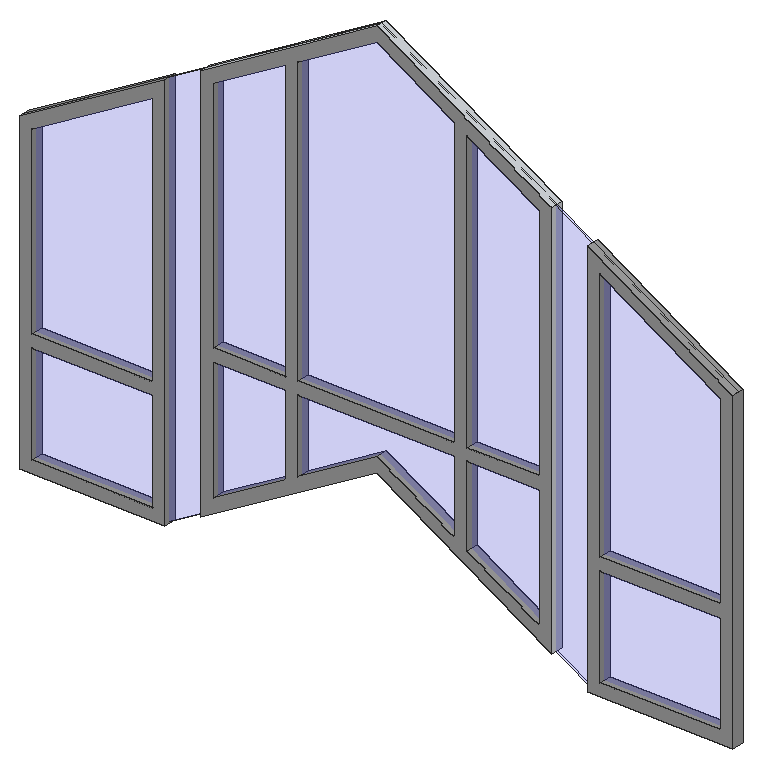
Revit family "Church Window", category Windows, host Wall, Revit 2013
Parameters
  Height = 4' - 0"
  Default Sill Height = 3' - 0"
  Wall Closure = By host
  Width = 3' - 0"
Reference planes (in)
  plane 1 "Center (Front/Back)": y = 0
  plane 2: z = 0
  plane 3 "Center (Left/Right)": x = 0
  plane 4 "Sill": z = 36
Forms (in)
  Extrusion 1, solid, material "Glass"
    sketch origin (0, 0, 0) x (1, 0, 0) y (0, 0, 1)
      loop
        line (118, 60.96368) -> (118, 165.55864) -> (0, 233.63556) -> (-118, 165.55864) -> (-118, 60.96368) -> (-70, 60.96368) -> (0, 101.3483) -> (70, 60.96368) -> (118, 60.96368)
    from -0.25 to 0.25
  Extrusion 2, solid, material "Default"
    sketch origin (0, 0, 0) x (1, 0, 0) y (0, 0, 1)
      loop
        line (70, 193.25095) -> (70, 60.96368) -> (118, 60.96368) -> (118, 165.55864) -> (70, 193.25095)
      loop
        line (74, 186.32531) -> (74, 102.27166) -> (114, 102.27166) -> (114, 163.24838) -> (74, 186.32531)
      loop
        line (74, 98.27166) -> (74, 64.96368) -> (114, 64.96368) -> (114, 98.27166) -> (74, 98.27166)
    from 2 to -2
  Extrusion 3, solid, material "Default"
    sketch origin (0, 0, 0) x (-1, 0, 0) y (0, 0, -1)
      loop
        line (70, -193.25095) -> (118, -165.55864) -> (118, -60.96368) -> (70, -60.96368) -> (70, -193.25095)
      loop
        line (74, -186.32531) -> (114, -163.24838) -> (114, -102.27166) -> (74, -102.27166) -> (74, -186.32531)
      loop
        line (74, -98.27166) -> (114, -98.27166) -> (114, -64.96368) -> (74, -64.96368) -> (74, -98.27166)
    from 2 to -2
  Extrusion 4, solid
    sketch origin (0, 0, 0) x (1, 0, 0) y (0, 0, 1)
      loop
        line (-58, 200.17402) -> (-58, 67.88676) -> (0, 101.3483) -> (58, 67.88676) -> (58, 200.17402) -> (0, 233.63556) -> (-58, 200.17402)
      loop
        line (-30, 211.70992) -> (-54, 197.86377) -> (-54, 119.27166) -> (-30, 119.27166) -> (-30, 211.70992)
      loop
        line (26, 214.01761) -> (0, 229.01761) -> (-26, 214.01761) -> (-26, 119.27166) -> (26, 119.27166) -> (26, 214.01761)
      loop
        line (54, 197.86377) -> (30, 211.70992) -> (30, 119.27166) -> (54, 119.27166) -> (54, 197.86377)
      loop
        line (30, 88.65855) -> (54, 74.8124) -> (54, 115.27166) -> (30, 115.27166) -> (30, 88.65855)
      loop
        line (-30, 88.65855) -> (-30, 115.27166) -> (-54, 115.27166) -> (-54, 74.8124) -> (-30, 88.65855)
      loop
        line (-26, 90.96625) -> (0, 105.96625) -> (26, 90.96625) -> (26, 115.27166) -> (-26, 115.27166) -> (-26, 90.96625)
    from 2 to -2
Lines and regions (in)
  Opening 1
    outline origin (-60, -3, 0) x (1, 0, 0) y (0, 0, 1)
      loop
        line (-58, 165.55864) -> (-58, 60.96368) -> (-10, 60.96368) -> (-10, 193.25095) -> (-58, 165.55864)
      loop
        line (178, 165.55864) -> (130, 193.25095) -> (130, 60.96368) -> (178, 60.96368) -> (178, 165.55864)
      loop
        line (60, 233.63556) -> (2, 200.17402) -> (2, 67.88676) -> (60, 101.3483) -> (118, 67.88676) -> (118, 200.17402) -> (60, 233.63556)
Text (in)
  text "EXTERIOR" at (-58.6888, 50.90694, 0), in view "Ref. Level"
  text "INTERIOR" at (-58.6888, -37.76638, 0), in view "Ref. Level"
  text "Exterior" at (0, 43.65631, 123.19604), in view "Left"
  text "Exterior" at (0, 18.29385, 125.04747), in view "Right"
Dimensions and locks (in)
  aligned and locked: level to plane 2
